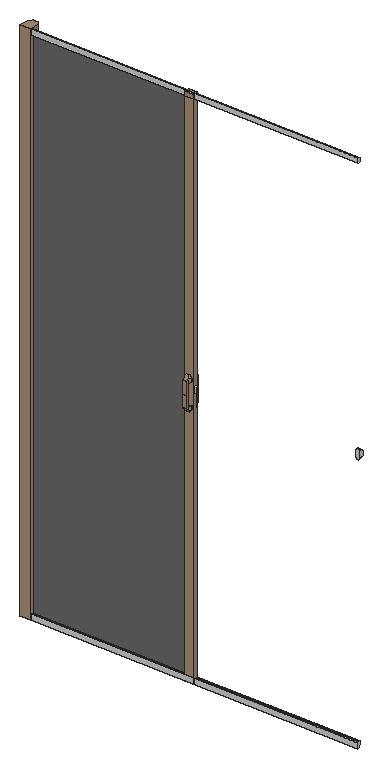
Revit family "Screen_Door_ProfessionalSeries_PhantomScreen", category Doors, host Wall, Revit 2017
Family settings
  Host = Wall
  OmniClass Number = 23.30.60.21
  OmniClass Title = Insect Screens
  Always vertical = Yes
  Cut with Voids When Loaded = No
  Shared = No
  Room Calculation Point = No
Parameters (values of type "Type as Specified")
  URL = "http://www.phantomscreens.com/"
  Track Height = 0' - 0.931"
  Track Depth = 0' - 0.511"
  Specification = "http://www.phantomscreens.com/architects-designers/specifications-binder/"
  Slide Bar Width = 0' - 1.732"
  Slide Bar Depth = 0' - 0.866"
  Slide Bar = Dark Cherry
  Screen Thickness = 0' - 0 1/32"
  Screen = Phifer TuffScreen No-See-Um – Charcoal
  Sales Information = "http://www.phantomscreens.com/support/"
  Revision = "R1_08-2016"
  Product Properties = "http://www.phantomscreens.com/drive/uploads/2015/03/Phantom-Door-Design-Specification-Assembled-View.pdf"
  Product Data = "http://www.arcat.com/arcatcos/cos9540/arc40535.html"
  Percent Open [instance] = 50
  Model = "Professional Series"
  Manufacturer Website = "http://www.phantomscreens.com/"
  Manufacturer Phone - Toll Free = ""
  Manufacturer Phone = "604-855-3654"
  Manufacturer Fax = "604-855-7834"
  Manufacturer Address = "30451 Simpson Rd.; Abbotsford; BC; Canada V2T 6C7"
  Manufacturer = "Phantom Screens"
  Keynote = "08 11 00"
  Installation-Fabrication = "http://www.phantomscreens.com/architects-designers/options/"
  Housing Width = 0' - 1 7/8"
  Housing Depth = 0' - 2 49/64"
  Handle Width = 0' - 1.266"
  Handle Height = 0' - 6.031"
  Handle Depth = 0' - 0 109/128"
  Function = Interior
  Height = 8' - 0"
  Wall Closure = By host
  Width = 5' - 0"
  Drawn By = "Sumex Design - Robert S Weygant"
  Door Opening [instance] = Width * (Percent Open / 100)  # 2' - 6"
  Description = "Phantom Screens Professional Series Screen"
  Copyright = "� 2016 ARCAT Inc."
  Construction Details = "http://www.arcat.com/details/phantoms/95prod3445.html"
  Assembly Code = "B2020400"
  Aluminum Track = Aluminum - Flat
  Aluminum Housing = Dark Cherry
Reference planes (in)
  plane 1 "Center (Front/Back)": y = 0
  plane 2 "Center (Left/Right)": x = -7.25
  plane 3 "Top": z = 96
  plane 4 "Exterior": y = 3
  plane 5 "Interior": y = -3
  plane 6: x = -39.125
  plane 7: y = 5.76563
  plane 8: z = 96.931
  plane 9: z = 0.931
  plane 10: y = 3.511
  plane 11: y = 3.866
  plane 12: y = 3.47975
  plane 13: x = -8.982
  plane 14 "Track Bar": x = -7.25
  plane 15: x = -37.25
  plane 16: y = 3.4485
  plane 17: y = 4.71756
  plane 18: x = 22.75
  plane 19: z = 47.5
  plane 20: z = 50.5155
  plane 21: z = 44.4845
  plane 22: x = -8.24596
  plane 23: x = -7.19182
  plane 24: z = 49.15629
  plane 25: z = 47.35152
Forms (in)
  Extrusion 1, solid, material "Dark Cherry" <- "Aluminum Housing"
    sketch origin (0, 0, 0) x (1, 0, 0) y (0, 1, 0)
      loop
        line (-38.59494, 5.24881) -> (-39.125, 4.71875) -> (-39.125, 3) -> (-37.25, 3) -> (-37.25, 4.71875) -> (-37.78006, 5.24881) -> (-38.59494, 5.24881)
    from 0 to 96.931
  Extrusion 2, solid, material "Aluminum - Flat" <- "Aluminum Track"
    sketch origin (0, 0, 0) x (0, 1, 0) y (0, 0, 1)
      loop
        line (3.11249, 96.931) -> (3, 96.931) -> (3, 96) -> (3.11249, 96) -> (3.11249, 96.6029) -> (3.3979, 96.6029) -> (3.3979, 96) -> (3.511, 96) -> (3.511, 96.71477) -> (3.11249, 96.71477) -> (3.11249, 96.931)
    from -37.25 to 22.75
  Extrusion 3, solid, material "Aluminum - Flat" <- "Aluminum Track"
    sketch origin (0, 0, 0) x (0, 1, 0) y (0, 0, 1)
      loop
        line (3.511, 0.931) -> (3.386, 0.931) -> (3.386, 0.4365) -> (3.125, 0.4365) -> (3.125, 0.931) -> (3, 0.931) -> (3, 0) -> (3.125, 0) -> (3.125, 0.315) -> (3.511, 0.315) -> (3.511, 0.931)
    from -37.25 to 22.75
  Extrusion 4, solid, material "Dark Cherry" <- "Slide Bar"
    sketch origin (0, 0, 0) x (1, 0, 0) y (0, 1, 0)
      loop
        line (-8.982, 3.866) -> (-8.982, 3) -> (-7.25, 3) -> (-7.25, 3.64791) -> (-7.50991, 3.866) -> (-8.982, 3.866)
    from 0 to 96
  Extrusion 5, solid, material "Phifer TuffScreen No-See-Um – Charcoal" <- "Screen"
    sketch origin (0, 0, 0) x (1, 0, 0) y (0, 1, 0)
      loop
        line (-37.25, 3.47975) -> (-37.25, 3.4485) -> (-8.982, 3.4485) -> (-8.982, 3.47975) -> (-37.25, 3.47975)
    from 0.931 to 96
  Extrusion 6, solid
    sketch origin (-7.25, 0, 0) x (0, 1, 0) y (0, 0, 1)
      loop
        arc (3, 47.81869) -> (3.03288, 47.73932) -> (3.11225, 47.70644) r 0.11225
        line (3.11225, 47.70644) -> (3.29841, 47.70644)
        arc (3.29841, 47.70644) -> (3.37778, 47.73932) -> (3.41065, 47.81869) r 0.11225
        line (3.41065, 47.81869) -> (3.41065, 48.74389)
        arc (3.41065, 48.74389) -> (3.37778, 48.82327) -> (3.29841, 48.85614) r 0.11225
        line (3.29841, 48.85614) -> (3.11225, 48.85614)
        arc (3.11225, 48.85614) -> (3.03288, 48.82327) -> (3, 48.74389) r 0.11225
        line (3, 48.74389) -> (3, 47.81869)
      loop
        circle (3.20533, 48.55983) r 0.0627
      loop
        circle (3.20533, 48.00276) r 0.0627
    from 0 to 0.05818
Text (in)
  text "Exterior" at (-62.02911, 27.31104, 0), in view "Ref. Level"
  text "Interior" at (-62.02911, -25.14366, 0), in view "Ref. Level"
  text "Exterior" at (0, 40.15149, 123.01588), in view "Right"
  text "Interior" at (0, -64.39139, 123.01588), in view "Right"
  text "Interior" at (0, -31.01599, 123.00693), in view "Left"
  text "Exterior" at (0, 54.57065, 123.00693), in view "Left"
Dimensions and locks (in)
  "Height": level to plane 3 "Top"
  "Housing Depth": plane 4 "Exterior" to plane 7
  "Track Height": plane 3 "Top" to plane 8
  "Track Height": level to plane 9
  "Track Depth": plane 10 to plane 4 "Exterior"
  "Slide Bar Depth": plane 11 to plane 4 "Exterior"
  "Screen Thickness": plane 10 to plane 12
  "Slide Bar Width": plane 13 to plane 14 "Track Bar"
  equal spacing: plane 15, plane 2 "Center (Left/Right)", plane 18
  "Screen Thickness": plane 16 to plane 12
  "Width": plane 15 to plane 18
  "Housing Width": plane 6 to plane 15
  "Door Opening": plane 14 "Track Bar" to plane 18
  equal spacing: plane 21, plane 19, plane 20
  "Handle Height": plane 21 to plane 20
  locked: plane 14 "Track Bar" to plane 22 at 0.99596
  locked: plane 23 to plane 14 "Track Bar" at 0.05818
  locked: Extrusion 1 to Extrusion 1 at 2.24881
  aligned and locked: plane 4 "Exterior" to host wall
  aligned and locked: plane 5 "Interior" to host wall
  aligned and locked: plane 6 to Extrusion 1 sketch curve
  aligned and locked: Extrusion 1 to level
  aligned and locked: Extrusion 1 to plane 8
  aligned and locked: plane 8 to Extrusion 1
  aligned and locked: Extrusion 2 sketch curve to plane 8
  aligned and locked: Extrusion 2 sketch curve to plane 10
  aligned and locked: Extrusion 2 sketch curve to host wall
  aligned and locked: Extrusion 3 sketch curve to plane 9
  aligned and locked: Extrusion 3 sketch curve to plane 10
  aligned and locked: Extrusion 3 sketch curve to host wall
  aligned and locked: Extrusion 3 to plane 9  (x2)
  aligned and locked: Extrusion 2 to plane 10
  aligned and locked: plane 11 to Extrusion 4 sketch curve
  aligned and locked: plane 13 to Extrusion 4 sketch curve
  aligned and locked: Extrusion 4 sketch curve to plane 4 "Exterior"
  aligned and locked: Extrusion 4 sketch curve to plane 14 "Track Bar"
  aligned and locked: Extrusion 4 to level
  aligned and locked: Extrusion 4 to plane 3 "Top"
  aligned and locked: plane 12 to Extrusion 5 sketch curve
  aligned and locked: Extrusion 5 sketch curve to plane 15
  aligned and locked: plane 16 to Extrusion 5 sketch curve
  aligned and locked: Extrusion 5 sketch curve to plane 13
  aligned and locked: Extrusion 5 to plane 3 "Top"
  aligned and locked: Extrusion 5 to Extrusion 3
  aligned and locked: plane 18 to Extrusion 2  (x2)
  aligned and locked: Extrusion 3 to plane 18
  aligned and locked: Extrusion 3 to level
  aligned and locked: Extrusion 3 to plane 15
  aligned and locked: plane 3 "Top" to Extrusion 2
  aligned and locked: Extrusion 2 to plane 8  (x2)
  aligned and locked: plane 15 to Extrusion 2
  aligned and locked: Extrusion 1 sketch curve to plane 4 "Exterior"
  aligned and locked: plane 22 to nested 1
  aligned and locked: plane 11 to nested 1
  aligned and locked: nested 2 to plane 22
  aligned and locked: nested 2 to Extrusion 4
  aligned and locked: plane 20 to nested 1
  aligned and locked: plane 20 to nested 2
  aligned and locked: plane 21 to nested 1
  aligned and locked: plane 21 to nested 2
  aligned and locked: nested 3 to Extrusion 4
  aligned and locked: nested 3 to plane 14 "Track Bar"
  aligned and locked: nested 3 to plane 13
  aligned and locked: Extrusion 6 sketch curve to Extrusion 4
  aligned and locked: Extrusion 6 to Extrusion 4
  aligned and locked: plane 23 to Extrusion 6
  aligned and locked: nested 4 to plane 24  (x2)
  aligned and locked: plane 18 to nested 4
  aligned and locked: plane 4 "Exterior" to nested 4
  aligned and locked: nested 3 to plane 11
  aligned and locked: plane 4 "Exterior" to nested 3
Automatic sketch dimensions
  Extrusion 4 sketch curve to plane 10 = 0' - 0.13691"
  Extrusion 4 sketch curve to Extrusion 4 sketch curve = 0' - 0.25991"
  plane 6 to Extrusion 1 sketch curve = 0' - 0.53006"
  Extrusion 1 sketch curve to plane 7 = 0' - 1 3/64"  (x2)
  plane 15 to Extrusion 1 sketch curve = 0' - 0.53006"
  plane 3 "Top" to Extrusion 2 sketch curve = 0' - 0"  (x2)
  host wall to Extrusion 2 sketch curve = 0' - 0.11249"  (x2)
  Extrusion 2 sketch curve to plane 16 = 0' - 0.0506"
  plane 8 to Extrusion 2 sketch curve = 0' - 0.3281"
  Extrusion 2 sketch curve to Extrusion 2 sketch curve = 0' - 0.11187"
  plane 9 to Extrusion 3 sketch curve = 0' - 0"
  host wall to Extrusion 3 sketch curve = 0' - 0 1/8"
  Extrusion 3 sketch curve to Extrusion 3 sketch curve = 0' - 0"
  Extrusion 3 sketch curve to plane 16 = 0' - 0 1/16"
  Extrusion 3 sketch curve to Extrusion 3 sketch curve = 0' - 0.1215"
  level to Extrusion 3 sketch curve = 0' - 0.315"
  Extrusion 1 sketch curve to plane 15 = 0' - 0"
  Extrusion 3 sketch curve to level = 0' - 0"
  host wall to Extrusion 6 sketch curve = 0' - 0.11225"
  Extrusion 6 sketch curve to Extrusion 6 sketch curve = 0' - 0.11225"
  host wall to Extrusion 6 sketch curve = 0' - 0.20533"  (x2)
  Extrusion 6 sketch curve to plane 16 = 0' - 0.15009"  (x2)
  Extrusion 6 sketch curve to plane 16 = 0' - 0.03785"
  Extrusion 6 sketch curve to plane 19 = 0' - 0.20644"
  Extrusion 6 sketch curve to Extrusion 6 sketch curve = 0' - 0.18406"  (x2)
  Extrusion 6 sketch curve to Extrusion 6 sketch curve = 0' - 0.55707"
  Extrusion 6 sketch curve to Extrusion 6 sketch curve = 0' - 0"
  Extrusion 1 sketch curve to plane 17 = 0' - 0 17/32"
  radius of Extrusion 6 sketch curve = 0' - 0.0627"  (x2)
Nested families (in)
  nested 1: "Handle Family" at (-8.24596, 4.29178, 47.5) x (-1, 0, 0) z (0, 0, 1), type "Handle Family"
    with Width 0' - 1.266", Height 0' - 6.031", Depth 0' - 0 109/128"
  nested 2: "Handle Family" at (-8.24596, 2.57422, 47.5), type "Handle Family"
    with Width 0' - 1.266", Height 0' - 6.031", Depth 0' - 0 109/128"
  nested 3: "End Caps" at (-8.21484, 3.1714, 96), type "End Caps"
  nested 4: "Magnetic Latch" at (22.75, 3.3125, 47.40629) x (-1, 0, 0) z (0, 0, 1), type "Magnetic Latch"
Definition of nested family "Handle Family"
  Parameters
    Width = 0' - 1 3/8"
    Height = 0' - 6 1/32"
    Handle = none
    Depth = 0' - 1"
  Reference planes (in)
    plane 1 "Center (Front/Back)": y = 0
    plane 2: z = 0
    plane 3 "Center (Left/Right)": x = 0
    plane 4: y = 0.5
    plane 5: x = 0.6875
    plane 6: y = -0.5
    plane 7: x = -0.6875
    plane 8: z = 3.01562
    plane 9: z = -3.01563
  Forms (in)
    Extrusion 1, solid, material <- "Handle"
      sketch origin (0, 0, 0) x (0, 1, 0) y (0, 0, 1)
        loop
          line (0.5, 3.01562) -> (0.25, 3.01562) -> (-0.5, 2.26562) -> (-0.5, 0) -> (-0.5, -2.26563) -> (0.25, -3.01563) -> (0.5, -3.01563) -> (0.5, -2.01563) -> (0, -2.01563) -> (-0.17678, -1.83885) -> (-0.17678, 0) -> (-0.17678, 1.83885) -> (0, 2.01562) -> (0.5, 2.01562) -> (0.5, 3.01562)
      from -0.6875 to 0.6875
    Extrusion 2, void
      sketch origin (0, 0, 0) x (1, 0, 0) y (0, 1, 0)
        loop
          line (-0.6875, 0.25) -> (-0.6875, -0.5) -> (-0.32322, -0.5) -> (-0.32322, -0.25861) -> (-0.6875, 0.25)
        loop
          line (0.32322, -0.25861) -> (0.32322, -0.5) -> (0.6875, -0.5) -> (0.6875, 0.25) -> (0.32322, -0.25861)
      from -3.01562 to 3.01562
    Extrusion 3, void
      sketch origin (0, 0, 0) x (1, 0, 0) y (0, 0, 1)
        loop
          line (-0.6875, 2.51563) -> (-0.25, 3.01563) -> (-0.6875, 3.01563) -> (-0.6875, 2.51563)
        loop
          line (0.6875, 2.51563) -> (0.6875, 3.01562) -> (0.25, 3.01562) -> (0.6875, 2.51563)
        loop
          line (-0.6875, -2.51562) -> (-0.6875, -3.01562) -> (-0.25, -3.01562) -> (-0.6875, -2.51562)
        loop
          line (0.6875, -2.51562) -> (0.25, -3.01562) -> (0.6875, -3.01562) -> (0.6875, -2.51562)
      from -0.5 to 0.5
  Cuts and joins
    Extrusion 2, Extrusion 3 cuts Extrusion 1
  Dimensions and locks (in)
    equal spacing: plane 7, plane 3 "Center (Left/Right)", plane 5
    equal spacing: plane 6, plane 1 "Center (Front/Back)", plane 4
    "Depth": plane 6 to plane 4
    "Width": plane 7 to plane 5
    equal spacing: plane 8, level, plane 9
    "Height": plane 8 to plane 9
    plane 1 "Center (Front/Back)" to Extrusion 1 = 0' - 0 1/2"
    aligned and locked: plane 2 to level
    aligned and locked: plane 7 to Extrusion 1
    aligned and locked: plane 5 to Extrusion 1
    aligned and locked: Extrusion 2 sketch curve to plane 6
    aligned and locked: plane 6 to Extrusion 2 sketch curve
    aligned and locked: plane 5 to Extrusion 2 sketch curve
    aligned and locked: Extrusion 2 sketch curve to plane 7
    aligned and locked: Extrusion 2 to plane 9
    aligned and locked: plane 8 to Extrusion 2
    aligned and locked: plane 4 to Extrusion 3
    aligned and locked: plane 6 to Extrusion 3
  Automatic sketch dimensions
    Extrusion 1 sketch curve to level = 0' - 0"  (x2)
    Extrusion 1 sketch curve to plane 1 "Center (Front/Back)" = 0' - 0"  (x2)
    Extrusion 1 sketch curve to plane 8 = 0' - 0"
    Extrusion 1 sketch curve to plane 4 = 0' - 0"  (x2)
    plane 1 "Center (Front/Back)" to Extrusion 1 sketch curve = 0' - 0.17678"
    Extrusion 1 sketch curve to Extrusion 1 sketch curve = 0' - 0 1/4"
    Extrusion 1 sketch curve to Extrusion 1 sketch curve = 0' - 1"
    Extrusion 1 sketch curve to Extrusion 1 sketch curve = 0' - 0.17678"  (x2)
    Extrusion 1 sketch curve to plane 8 = 0' - 1.17678"
    Extrusion 1 sketch curve to Extrusion 1 sketch curve = 0' - 0.42678"
    Extrusion 1 sketch curve to plane 9 = 0' - 0"
    Extrusion 1 sketch curve to plane 1 "Center (Front/Back)" = 0' - 0 1/4"
    plane 9 to Extrusion 1 sketch curve = 0' - 0 3/4"
    Extrusion 1 sketch curve to plane 6 = 0' - 0"
    Extrusion 2 sketch curve to plane 3 "Center (Left/Right)" = 0' - 0.32322"
    plane 3 "Center (Left/Right)" to Extrusion 2 sketch curve = 0' - 0.32322"
    plane 1 "Center (Front/Back)" to Extrusion 2 sketch curve = 0' - 0.25861"
    Extrusion 2 sketch curve to plane 1 "Center (Front/Back)" = 0' - 0 1/4"  (x2)
    Extrusion 2 sketch curve to Extrusion 2 sketch curve = 0' - 0.24139"
    plane 7 to Extrusion 3 sketch curve = 0' - 0"  (x2)
    Extrusion 3 sketch curve to plane 8 = 0' - 0"  (x2)
    Extrusion 3 sketch curve to plane 9 = 0' - 0"  (x2)
    Extrusion 3 sketch curve to plane 5 = 0' - 0"  (x2)
    Extrusion 3 sketch curve to plane 3 "Center (Left/Right)" = 0' - 0 1/4"  (x2)
    plane 3 "Center (Left/Right)" to Extrusion 3 sketch curve = 0' - 0 1/4"  (x2)
    plane 9 to Extrusion 3 sketch curve = 0' - 0 1/2"
    Extrusion 3 sketch curve to Extrusion 3 sketch curve = 0' - 0 1/2"
    Extrusion 3 sketch curve to plane 8 = 0' - 0 1/2"  (x2)
Definition of nested family "End Caps"
  Parameters
    End Caps = none
  Reference planes (in)
    plane 1 "Center (Front/Back)": y = 0
    plane 2: z = 0
    plane 3 "Center (Left/Right)": x = 0
    plane 4: y = 0.6946
    plane 5: x = 0.96484
    plane 6: y = -0.1714
    plane 7: x = -0.76716
    plane 8: z = 0.75
  Forms (in)
    Extrusion 1, solid, material <- "End Caps"
      sketch origin (0, 0, 0) x (1, 0, 0) y (0, 1, 0)
        loop
          line (-0.76716, 0.6946) -> (-0.76716, -0.1714) -> (0.96484, -0.1714) -> (0.96484, 0.47651) -> (0.70493, 0.6946) -> (-0.76716, 0.6946)
      from 0 to 0.75
  Lines and regions (in)
    model lines
      curve 1: line (-0.76716, 0.6946, 0) -> (0.70493, 0.6946, 0)
      curve 2: line (-0.76716, -0.1714, 0) -> (-0.76716, 0.6946, 0)
      curve 3: line (0.96484, -0.1714, 0) -> (-0.76716, -0.1714, 0)
      curve 4: line (0.96484, 0.47651, 0) -> (0.96484, -0.1714, 0)
      curve 5: line (0.96484, 0.47651, 0) -> (0.70493, 0.6946, 0)
  Dimensions and locks (in)
    aligned and locked: plane 2 to level
    aligned and locked: plane 8 to Extrusion 1
Definition of nested family "Magnetic Latch"
  Parameters
    Width = 0' - 0 5/8"
    Magnetic Latch = none
    Height = 0' - 1 3/4"
    Depth = 0' - 0 5/8"
  Reference planes (in)
    plane 1 "Center (Front/Back)": y = 0
    plane 2: z = 0
    plane 3 "Center (Left/Right)": x = 0
    plane 4: y = 0.3125
    plane 5: x = 0.3125
    plane 6: y = -0.3125
    plane 7: x = -0.3125
    plane 8: z = 1.75
    plane 9: z = 0.875
  Forms (in)
    Extrusion 1, solid, material <- "Magnetic Latch"
      sketch origin (0, 0, 0) x (1, 0, 0) y (0, 0, 1)
        loop
          line (-0.13921, 1.75) -> (-0.3125, 1.44985) -> (-0.3125, 0.30015) -> (-0.13921, 0) -> (0.13921, 0) -> (0.3125, 0.30015) -> (0.3125, 1.44985) -> (0.13921, 1.75) -> (-0.13921, 1.75)
      from -0.3125 to 0.3125
    Extrusion 2, void
      sketch origin (0, 0, 0) x (0, 1, 0) y (0, 0, 1)
        loop
          line (0.08177, 1.75) -> (-0.3125, 1.75) -> (-0.3125, 1.26184) -> (0.08177, 1.75)
        loop
          line (0.08177, 0) -> (-0.3125, 0.48816) -> (-0.3125, 0) -> (0.08177, 0)
      from -0.3125 to 0.3125
  Cuts and joins
    Extrusion 2 cuts Extrusion 1
  Dimensions and locks (in)
    equal spacing: plane 7, plane 3 "Center (Left/Right)", plane 5
    equal spacing: plane 4, plane 1 "Center (Front/Back)", plane 6
    "Depth": plane 7 to plane 5
    "Width": plane 4 to plane 6
    equal spacing: plane 8, plane 9, level
    "Height": plane 8 to level
    aligned and locked: plane 2 to level
    aligned and locked: Extrusion 1 sketch curve to plane 8
    aligned and locked: Extrusion 1 sketch curve to plane 7
    aligned and locked: level to Extrusion 1 sketch curve
    aligned and locked: Extrusion 1 sketch curve to plane 5
    aligned and locked: plane 4 to Extrusion 1
    aligned and locked: plane 6 to Extrusion 1
    aligned and locked: plane 7 to cut or joined group of Extrusion 1, Extrusion 2
    aligned and locked: plane 5 to Extrusion 2
  Automatic sketch dimensions
    Extrusion 1 sketch curve to plane 3 "Center (Left/Right)" = 0' - 0.13921"  (x2)
    plane 3 "Center (Left/Right)" to Extrusion 1 sketch curve = 0' - 0.13921"  (x2)
    level to Extrusion 1 sketch curve = 0' - 0.30015"  (x2)
    Extrusion 1 sketch curve to plane 8 = 0' - 0.30015"  (x2)
    Extrusion 2 sketch curve to level = 0' - 0"
    Extrusion 2 sketch curve to plane 6 = 0' - 0"  (x2)
    Extrusion 2 sketch curve to plane 8 = 0' - 0"
    Extrusion 2 sketch curve to plane 1 "Center (Front/Back)" = 0' - 0.08177"  (x2)
    level to Extrusion 2 sketch curve = 0' - 0.48816"
    Extrusion 2 sketch curve to Extrusion 2 sketch curve = 0' - 0.48816"
